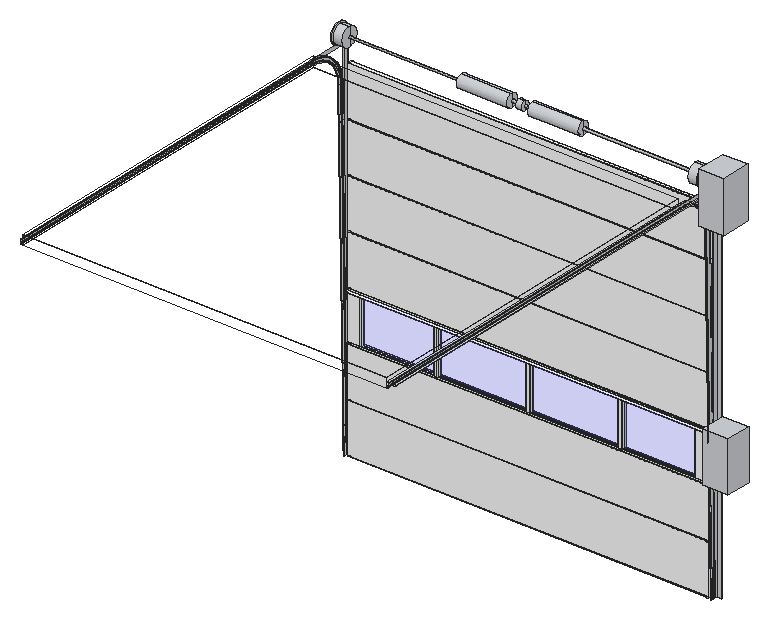
Revit family "EX3200 Complete Door - DraftA", category Doors, host Wall, Revit 2022 (continued)
Definition of nested family "Full Vision Section"
  Definition of nested family "902 Int Stile Array"
    Forms (in)
      Extrusion 2, solid, material <- "Frame Material"
        sketch origin (-44, 0, 0) x (1, 0, 0) y (0, 1, 0)
          loop
            line (-0.65625, 0) -> (-0.65625, -0.125) -> (-0.78125, -0.125) -> (-1.15625, -0.5) -> (-1.15625, -0.63751) -> (-0.65625, -0.63751) -> (-0.65625, -0.88751) -> (-1.15625, -0.88751) -> (-1.15625, -1.88751) -> (-0.65625, -1.88751) -> (-0.65625, -2.125) -> (0.65625, -2.125) -> (0.65625, -1.88751) -> (1.15625, -1.88751) -> (1.15625, -0.88751) -> (0.65625, -0.88751) -> (0.65625, -0.63751) -> (1.15625, -0.63751) -> (1.15625, -0.5) -> (0.78125, -0.125) -> (0.65625, -0.125) -> (0.65625, 0) -> (-0.65625, 0)
        from 0 to 22.3125 <- "Stile Height"
      Extrusion 3, solid, material <- "Frame Material"
        sketch origin (-88, 0, 0) x (1, 0, 0) y (0, 1, 0)
          loop
            line (-0.65625, 0) -> (-0.65625, -0.125) -> (-0.78125, -0.125) -> (-1.15625, -0.5) -> (-1.15625, -0.63751) -> (-0.65625, -0.63751) -> (-0.65625, -0.88751) -> (-1.15625, -0.88751) -> (-1.15625, -1.88751) -> (-0.65625, -1.88751) -> (-0.65625, -2.125) -> (0.65625, -2.125) -> (0.65625, -1.88751) -> (1.15625, -1.88751) -> (1.15625, -0.88751) -> (0.65625, -0.88751) -> (0.65625, -0.63751) -> (1.15625, -0.63751) -> (1.15625, -0.5) -> (0.78125, -0.125) -> (0.65625, -0.125) -> (0.65625, 0) -> (-0.65625, 0)
        from 0 to 22.3125 <- "Stile Height"
      Extrusion 4, solid, material <- "Frame Material"
        sketch origin (-132, 0, 0) x (1, 0, 0) y (0, 1, 0)
          loop
            line (-0.65625, 0) -> (-0.65625, -0.125) -> (-0.78125, -0.125) -> (-1.15625, -0.5) -> (-1.15625, -0.63751) -> (-0.65625, -0.63751) -> (-0.65625, -0.88751) -> (-1.15625, -0.88751) -> (-1.15625, -1.88751) -> (-0.65625, -1.88751) -> (-0.65625, -2.125) -> (0.65625, -2.125) -> (0.65625, -1.88751) -> (1.15625, -1.88751) -> (1.15625, -0.88751) -> (0.65625, -0.88751) -> (0.65625, -0.63751) -> (1.15625, -0.63751) -> (1.15625, -0.5) -> (0.78125, -0.125) -> (0.65625, -0.125) -> (0.65625, 0) -> (-0.65625, 0)
        from 0 to 22.3125 <- "Stile Height"
    Dimensions and locks (in)
      "Stile Height": level to plane 4
      locked: Extrusion 1 sketch curve to Extrusion 1 sketch curve at 1.3125
      locked: Extrusion 1 sketch curve to Extrusion 1 sketch curve at 0.5  (x2)
      locked: Extrusion 1 sketch curve to Extrusion 1 sketch curve at 2.125
      locked: Extrusion 1 sketch curve to Extrusion 1 sketch curve at 0.25
      locked: Extrusion 1 sketch curve to Extrusion 1 sketch curve at 1
      locked: Extrusion 1 sketch curve to Extrusion 1 sketch curve at 0.375  (x4)
      locked: Extrusion 1 sketch curve to Extrusion 1 sketch curve at 0.125  (x3)
      locked: Extrusion 2 sketch curve to Extrusion 2 sketch curve at 1.3125
      locked: Extrusion 2 sketch curve to Extrusion 2 sketch curve at 0.5  (x2)
      locked: Extrusion 2 sketch curve to Extrusion 2 sketch curve at 2.125
      locked: Extrusion 2 sketch curve to Extrusion 2 sketch curve at 0.25
      locked: Extrusion 2 sketch curve to Extrusion 2 sketch curve at 1
      locked: Extrusion 2 sketch curve to Extrusion 2 sketch curve at 0.375  (x4)
      locked: Extrusion 2 sketch curve to Extrusion 2 sketch curve at 0.125  (x3)
      equal spacing: group 4, group 3, group 2, group 1
      equal spacing: group 1, group 2, group 3, group 4  (x2)
      "IntStileCtrCtr": plane 5 to plane 6
      locked: Extrusion 3 sketch curve to Extrusion 3 sketch curve at 1.3125
      locked: Extrusion 3 sketch curve to Extrusion 3 sketch curve at 0.5  (x2)
      locked: Extrusion 3 sketch curve to Extrusion 3 sketch curve at 2.125
      locked: Extrusion 3 sketch curve to Extrusion 3 sketch curve at 0.25
      locked: Extrusion 3 sketch curve to Extrusion 3 sketch curve at 1
      locked: Extrusion 3 sketch curve to Extrusion 3 sketch curve at 0.375  (x4)
      locked: Extrusion 3 sketch curve to Extrusion 3 sketch curve at 0.125  (x3)
      locked: Extrusion 4 sketch curve to Extrusion 4 sketch curve at 1.3125
      locked: Extrusion 4 sketch curve to Extrusion 4 sketch curve at 0.5  (x2)
      locked: Extrusion 4 sketch curve to Extrusion 4 sketch curve at 2.125
      locked: Extrusion 4 sketch curve to Extrusion 4 sketch curve at 0.25
      locked: Extrusion 4 sketch curve to Extrusion 4 sketch curve at 1
      locked: Extrusion 4 sketch curve to Extrusion 4 sketch curve at 0.375  (x4)
      locked: Extrusion 4 sketch curve to Extrusion 4 sketch curve at 0.125  (x3)
      aligned and locked: plane 2 to level
      aligned and locked: Extrusion 1 sketch curve to Extrusion 1 sketch curve  (x8)
      aligned and locked: Extrusion 2 sketch curve to Extrusion 2 sketch curve  (x8)
      aligned and locked: plane 5 to Extrusion 1
      aligned and locked: plane 6 to Extrusion 2
      aligned and locked: Extrusion 3 sketch curve to Extrusion 3 sketch curve  (x8)
      aligned and locked: Extrusion 4 sketch curve to Extrusion 4 sketch curve  (x8)
    Automatic sketch dimensions
      Extrusion 1 sketch curve to Extrusion 1 sketch curve = 0' - 0.23749"
      Extrusion 2 sketch curve to Extrusion 2 sketch curve = 0' - 0.23749"
      Extrusion 3 sketch curve to Extrusion 3 sketch curve = 0' - 0.23749"
      Extrusion 4 sketch curve to Extrusion 4 sketch curve = 0' - 0.23749"
Definition of nested family "Track - Standard Lift"
  Parameters (values of type "15" Radius")
    WallToRadiusCenter = Door Thickness + 0' 1" + Vertical Track Length * 0' 0 1/4" / 1' 0" + Track Radius  # 1' - 9.33333"
    VerticalAngleLength = Door Height + 0' 10"  # 14' - 10"
    Vertical Track Length = Door Height - 0' 8"  # 13' - 4"
    TrackToTrack = CenterToLHTrack * 2  # 14' - 0"
    Roof Pitch = 0
    Operator - Trolley = no
    Operator - Jack Shaft Right = yes
    Operator - Jack Shaft Left = no
    HorizontalAngleLength = -(Horizontal Track Length + Track Radius + Vertical Track Length * 0.25 / 12 + 0' 2" - 0' 1" * Roof Pitch)  # -16' - 2.33333"
    Horizontal Track Length = Door Height + 1' 9" - Track Radius  # 14' - 6"
    FloorToTrolleyRail = FloorToShaftCL + 0' 6" - 0' 0 77/256" * Roof Pitch  # 15' - 8"
    FloorToShaftCL = Door Height + Track Radius - 0' 1"  # 15' - 2"
    FloorToJackShaft = Door Height + 1' 10"  # 15' - 10"
    Double Torsion Shaft = no
    Door Width = 13' - 10"
    Door Thickness = 0' - 2"
    Door Height = 14' - 0"
    Default Elevation = 0' - 0"
    Control Box Right = yes
    Control Box Left = no
    CenterToLHTrack = Door Width / 2 + 0' 1" + Roof Pitch * 0' 0"  # 7' - 0"
    Track Radius = if([12" Radius Track], 1' 0", 1' 3")  # 1' - 3"
    HorizontalTrackAngle = 90.00°
    CenterToRHTrack = -CenterToLHTrack  # -7' - 0"
    CenterToJackShaft = Door Width / 2 + 0' 5"  # 7' - 4"
    15" Radius Track = yes
    12" Radius Track = not([15" Radius Track])  # no
  Types (2): name | WallToRadiusCenter | TrackToTrack | Horizontal Track Length | FloorToTrolleyRail | FloorToShaftCL | Door Width | Control Box Left | CenterToLHTrack | Track Radius | CenterToRHTrack | CenterToJackShaft | 15" Radius Track | 12" Radius Track
    15" Radius | 1' - 9.33333" | 14' - 0" | 14' - 6" | 15' - 8" | 15' - 2" | 13' - 10" | no | 7' - 0" | 1' - 3" | -7' - 0" | 7' - 4" | yes | no
    12" Radius | 1' - 6.33333" | 14' - 4" | 14' - 9" | 15' - 5" | 14' - 11" | 14' - 2" | yes | 7' - 2" | 1' - 0" | -7' - 2" | 7' - 6" | no | yes
  Reference planes (in)
    plane 1: y = 0
    plane 2 "Center (Left/Right)": x = 0
    plane 3 "Wall Edge": y = 3
    plane 4: y = 24.33333
    plane 5: z = 160
    plane 6: x = 84
    plane 7: x = -84
  Forms (in)
    Sweep 1, solid
      path in 3D
        loop
          line (0, 198.33333, 175) -> (0, 24.33333, 175)
          arc (0, 24.33333, 175) -> (0, 13.83778, 170.71649) -> (0, 9.33659, 160.31243) r 15
          line (0, 9.33659, 160.31243) -> (0, 5.99672, 0)
      profile "Track Profile : Track Profile" origin (0, 7.66665, 80.15622) x (0, 0.999783, -0.020829) y (1, 0, 0)
        loop
          line (-2.03223, 84) -> (-1.97364, 84) -> (-1.97364, 84.826)
          arc (-1.97364, 84.826) -> (-1.9457, 84.89346) -> (-1.87823, 84.92141) r 0.09541
          line (-1.87823, 84.92141) -> (-0.65812, 84.92141)
          arc (-0.65812, 84.92141) -> (-0.63212, 84.9187) -> (-0.60723, 84.91071) r 0.12641
          line (-0.60723, 84.91071) -> (-0.20802, 84.73513)
          arc (-0.20802, 84.73513) -> (-0.05845, 84.52266) -> (-0.17676, 84.29133) r 0.25141
          line (-0.17676, 84.29133) -> (-0.46311, 84.1138) -> (-0.43223, 84.064) -> (-0.14589, 84.24153)
          arc (-0.14589, 84.24153) -> (0, 84.52678) -> (-0.18443, 84.78877) r 0.31
          line (-0.18443, 84.78877) -> (-0.58364, 84.96434)
          arc (-0.58364, 84.96434) -> (-0.62007, 84.97604) -> (-0.65812, 84.98) r 0.185
          line (-0.65812, 84.98) -> (-1.87823, 84.98)
          arc (-1.87823, 84.98) -> (-1.98713, 84.93489) -> (-2.03223, 84.826) r 0.154
          line (-2.03223, 84.826) -> (-2.03223, 84)
    Sweep 2, solid
      path in 3D
        loop
          line (0, 198.33333, 175) -> (0, 24.33333, 175)
          arc (0, 24.33333, 175) -> (0, 13.83778, 170.71649) -> (0, 9.33659, 160.31243) r 15
          line (0, 9.33659, 160.31243) -> (0, 5.99672, 0)
      profile "Track Profile : Track Profile" origin (0, 7.66665, 80.15622) x (0, 0.999783, -0.020829) y (1, 0, 0)
        loop
          line (-2.03223, -84) -> (-2.03223, -84.826)
          arc (-2.03223, -84.826) -> (-1.98713, -84.93489) -> (-1.87823, -84.98) r 0.154
          line (-1.87823, -84.98) -> (-0.65812, -84.98)
          arc (-0.65812, -84.98) -> (-0.62007, -84.97604) -> (-0.58364, -84.96434) r 0.185
          line (-0.58364, -84.96434) -> (-0.18443, -84.78877)
          arc (-0.18443, -84.78877) -> (0, -84.52678) -> (-0.14589, -84.24153) r 0.31
          line (-0.14589, -84.24153) -> (-0.43223, -84.064) -> (-0.46311, -84.1138) -> (-0.17676, -84.29133)
          arc (-0.17676, -84.29133) -> (-0.05845, -84.52266) -> (-0.20802, -84.73513) r 0.25141
          line (-0.20802, -84.73513) -> (-0.60723, -84.91071)
          arc (-0.60723, -84.91071) -> (-0.63212, -84.9187) -> (-0.65812, -84.92141) r 0.12641
          line (-0.65812, -84.92141) -> (-1.87823, -84.92141)
          arc (-1.87823, -84.92141) -> (-1.9457, -84.89346) -> (-1.97364, -84.826) r 0.09541
          line (-1.97364, -84.826) -> (-1.97364, -84) -> (-2.03223, -84)
    Extrusion 3, solid
      sketch origin (84, 9, 148.94743) x (0, 0, 1) y (0, 1, 0)
        loop
          line (25.05257, 189.33333) -> (25.05257, 15.33333) -> (30.05257, 15.33333) -> (30.05257, 189.33333) -> (25.05257, 189.33333)
      from 0 to 168 <- "TrackToTrack"
    Extrusion 4, solid
      sketch origin (0, 198.33333, 175) x (0, 0, 1) y (1, 0, 0)
        loop
          line (1.87823, 84.98) -> (1.87823, 85.06107) -> (0.47823, 85.06107) -> (0.47823, 86.48) -> (0.37823, 86.48) -> (0.37823, 84.98) -> (1.87823, 84.98)
      from -2 to -194.33333 <- "HorizontalAngleLength"
    Extrusion 5, solid
      sketch origin (0, 198.33333, 175) x (0, 0, 1) y (1, 0, 0)
        loop
          line (1.87823, -84.98) -> (0.37823, -84.98) -> (0.37823, -86.48) -> (0.47823, -86.48) -> (0.47823, -85.08) -> (1.87823, -85.08) -> (1.87823, -84.98)
      from -2 to -194.33333 <- "HorizontalAngleLength"
    Extrusion 6, solid
      sketch origin (0, 0, 0) x (1, 0, 0) y (0, 1, 0)
        loop
          line (-84.98, 4.63) -> (-85.08, 4.63) -> (-85.08, 3.30484)
          arc (-85.08, 3.30484) -> (-85.14, 3.16) -> (-85.28484, 3.1) r 0.20484
          line (-85.28484, 3.1) -> (-87.26, 3.1) -> (-87.26, 3) -> (-85.28584, 3)
          arc (-85.28584, 3) -> (-85.06958, 3.08958) -> (-84.98, 3.30584) r 0.30584
          line (-84.98, 3.30584) -> (-84.98, 4.63)
        loop
          line (84.98, 4.63) -> (84.98, 3.30584)
          arc (84.98, 3.30584) -> (85.06958, 3.08958) -> (85.28584, 3) r 0.30584
          line (85.28584, 3) -> (87.26, 3) -> (87.26, 3.1) -> (85.28484, 3.1)
          arc (85.28484, 3.1) -> (85.14, 3.16) -> (85.08, 3.30484) r 0.20484
          line (85.08, 3.30484) -> (85.08, 4.63) -> (84.98, 4.63)
      from 0 to 178 <- "VerticalAngleLength"
    Extrusion 7, solid, visible <- "Operator - Jack Shaft Left"
      sketch origin (-60, 3, 0) x (-1, 0, 0) y (0, 0, 1)
        loop
          line (-160, 190) -> (-160, 166) -> (-148, 166) -> (-148, 190) -> (-160, 190)
      from 0 to 14.50457
    Extrusion 8, solid, visible <- "Operator - Jack Shaft Right"
      sketch origin (-60, 3, 0) x (-1, 0, 0) y (0, 0, 1)
        loop
          line (28, 190) -> (28, 166) -> (40, 166) -> (40, 190) -> (28, 190)
      from 0 to 14.50457
    Extrusion 9, solid, visible <- "Operator - Jack Shaft Left"
      sketch origin (-59.08, 3, -112) x (-1, 0, 0) y (0, 0, 1)
        loop
          line (-159.08, 190) -> (-159.08, 166) -> (-147.08, 166) -> (-147.08, 190) -> (-159.08, 190)
      from 0 to 12
    Extrusion 10, solid, visible <- "Operator - Jack Shaft Right"
      sketch origin (-60, 3, -120) x (-1, 0, 0) y (0, 0, 1)
        loop
          line (28, 198) -> (28, 174) -> (40, 174) -> (40, 198) -> (28, 198)
      from 0 to 12
  Lines and regions (in)
    reference lines, not visible
      curve 1: line (0, 24.33333, 160) -> (0, 24.33333, 175)
      curve 2: line (0, 24.33333, 160) -> (0, 9.33659, 160.31243)
      curve 3: line (0, 24.33333, 175) -> (0, 198.33333, 175)
      curve 4: line (0, 9.33659, 160.31243) -> (0, 5.99672, 0)
      curve 5: arc (0, 24.33333, 175) -> (0, 13.83778, 170.71649) -> (0, 9.33659, 160.31243) r 15
    sketch lines
      curve 6: line (0, 9.33659, 160.31243) -> (0, 5.99672, 0)
      curve 7: arc (0, 24.33333, 175) -> (0, 13.83778, 170.71649) -> (0, 9.33659, 160.31243) r 15
      curve 8: line (0, 24.33333, 175) -> (0, 198.33333, 175)
      curve 9: line (0, 9.33659, 160.31243) -> (0, 5.99672, 0)
      curve 10: arc (0, 24.33333, 175) -> (0, 13.83778, 170.71649) -> (0, 9.33659, 160.31243) r 15
      curve 11: line (0, 24.33333, 175) -> (0, 198.33333, 175)
  Text (in)
    text "Placement Side" at (0, 40.15149, 123.01588), in view "Right"
    text "Placement Side" at (-70.3804, 28.46503, 0), in view "Ref. Level"
    text "Placement Side" at (0, 81.62555, 140.59947), in view "Left"
  Dimensions and locks (in)
    locked: plane 3 "Wall Edge" to host wall
    "WallToRadiusCenter": plane 3 "Wall Edge" to plane 4
    "Vertical Track Length": plane 5 to level
    "Track Radius": curve 1 to curve 1
    "Track Radius": curve 2 to curve 2
    "CenterToLHTrack": plane 6 to plane 2 "Center (Left/Right)"
    "CenterToLHTrack": plane 2 "Center (Left/Right)" to plane 7
    "Horizontal Track Length": curve 5 to curve 3
    locked: curve 3 to Extrusion 3 sketch curve at 4
    locked: Extrusion 3 sketch curve to curve 3 at 1
    locked: Extrusion 4 sketch curve to Extrusion 4 sketch curve at 1.5  (x2)
    locked: Extrusion 4 sketch curve to Extrusion 4 sketch curve at 0.1
    locked: Sweep 1 to Extrusion 4 sketch curve at 0.08107
    locked: Extrusion 5 sketch curve to Extrusion 5 sketch curve at 0.1
    locked: Extrusion 5 sketch curve to Sweep 2 at 0.1
    locked: Extrusion 5 sketch curve to Extrusion 5 sketch curve at 1.5
    locked: Extrusion 5 sketch curve to Sweep 2 at 1.5
    locked: Extrusion 6 sketch curve to Extrusion 6 sketch curve at 0.1  (x4)
    locked: Extrusion 6 sketch curve to Extrusion 6 sketch curve at 2.28  (x2)
    Extrusion 6 sketch curve to Extrusion 6 sketch curve = 0' - 1.63"
    locked: Extrusion 6 sketch curve to Extrusion 6 sketch curve at 1.63  (x2)
    locked: host wall to nested 1 at 6
    locked: Extrusion 7 sketch curve to Extrusion 7 sketch curve at 12
    locked: Extrusion 7 sketch curve to Extrusion 7 sketch curve at 24
    "FloorToJackShaft": level to Extrusion 7 sketch curve
    "CenterToJackShaft": Extrusion 7 sketch curve to curve 4
    locked: Extrusion 8 sketch curve to Extrusion 8 sketch curve at 24
    locked: Extrusion 8 sketch curve to Extrusion 8 sketch curve at 12
    "CenterToJackShaft": curve 4 to Extrusion 8 sketch curve
    "FloorToShaftCL": nested 1 to level
    locked: Extrusion 9 sketch curve to Extrusion 9 sketch curve at 12
    locked: Extrusion 9 sketch curve to Extrusion 9 sketch curve at 24
    locked: Extrusion 6 to Extrusion 9 at 54
    level to Extrusion 9 = 6' - 6"
    locked: Extrusion 10 sketch curve to Extrusion 10 sketch curve at 24
    locked: Extrusion 10 sketch curve to Extrusion 10 sketch curve at 12
    Extrusion 4 to Extrusion 7 = 1' - 2.62177"
    curve 3 to Extrusion 8 = 1' - 3"
    locked: Extrusion 8 to Extrusion 8 at 14.50457
    Extrusion 9 to Extrusion 9 = 1' - 0"
    plane 2 "Center (Left/Right)" to Extrusion 9 = 8' - 4"
    "Track Radius": radius of curve 5
    radius of Extrusion 6 sketch curve = 0' - 0.30584"
    radius of Extrusion 6 sketch curve = 0' - 0.20484"
    "HorizontalTrackAngle": angle curve 1 to plane 5
    locked: curve 2 to plane 5 (angle 1.1935°)
    locked: curve 1 to curve 3 (angle 90.00°)
    locked: curve 4 to curve 2 (angle 90.00°)
    aligned and locked: plane 5 to curve 2
    aligned and locked: curve 2 to plane 4
    aligned and locked: level to curve 4
    aligned and locked: Extrusion 3 sketch curve to curve 3
    aligned and locked: Extrusion 3 sketch curve to curve 1
    aligned and locked: Extrusion 4 sketch curve to Sweep 1
    aligned and locked: Extrusion 5 sketch curve to Sweep 2
    aligned and locked: Extrusion 4 to Extrusion 5 sketch curve
    aligned and locked: Sweep 2 to Extrusion 6 sketch curve
    aligned and locked: Extrusion 6 sketch curve to Sweep 1
    aligned and locked: Extrusion 6 sketch curve to host wall
    aligned and locked: nested 1 to curve 4
    aligned and locked: Extrusion 7 to Extrusion 8 sketch curve
    aligned and locked: Extrusion 9 to Extrusion 7
    aligned and locked: Extrusion 10 to Extrusion 8
    aligned and locked: Extrusion 9 to Extrusion 10
    aligned and locked: Extrusion 7 to Extrusion 8
  Automatic sketch dimensions
    Sweep 1 to Extrusion 4 sketch curve = 0' - 1.59541"
    Extrusion 6 sketch curve to host wall = 0' - 0"
    Extrusion 6 sketch curve to Extrusion 6 sketch curve = 0' - 0.20484"
    Extrusion 6 sketch curve to Extrusion 6 sketch curve = 0' - 0.00101"
    Extrusion 9 sketch curve to plane 6 = 1' - 4"
    level to Extrusion 9 sketch curve = 4' - 6"
    plane 7 to Extrusion 10 sketch curve = 0' - 4"
    level to Extrusion 10 sketch curve = 4' - 6"
  Nested families (in)
    nested 1: "Torsion Assembly - Standard Lift" at (0, 9, 118.84779), type "Torsion Assembly - High Lift"
      with HalfShaft2Length 8' - 2 1/2", Door Width 13' - 10", HalfShaftLength 7' - 2 1/2"
  Definition of nested family "Torsion Assembly - Standard Lift"
    Parameters
      Spring Length = if(Door Width < 6' 0", 1' 0", 2' 0")  # 2' - 0"
      HalfShaft2Length = HalfShaftLength + 1' 0"  # 7' - 3 1/2"
      Double Torsion Shaft = no
      Door Width = 12' - 0"
      HalfShaftLength = (Door Width + 0' 7") / 2  # 6' - 3 1/2"
      Default Elevation = 0' - 0"
      Assembly Code = ""
    Reference planes (in)
      plane 1 "Center (Front/Back)": y = 0
      plane 2: z = 63.15221
      plane 3 "Center (Left/Right)": x = 0
      plane 4: z = 75.15221
      plane 5: z = 63.15221
    Forms (in)
      Revolve 1, solid
        sketch origin (0, 0, 0) x (1, 0, 0) y (0, 0, 1)
          loop
            line (5, 63.65221) -> (1.38578, 63.65221) -> (1.38578, 65.15221) -> (-1.36422, 65.15221) -> (-1.36422, 63.65221) -> (-5, 63.65221) -> (-5, 66.15221) -> (-29, 66.15221) -> (-29, 63.65221) -> (-68.5, 63.65221) -> (-68.5, 67.45823) -> (-73, 67.45823) -> (-73, 67.95823) -> (-73.5, 67.95823) -> (-73.5, 63.65221) -> (-75.5, 63.65221) -> (-75.5, 63.15221) -> (-73.5, 63.15221) -> (73.5, 63.15221) -> (75.5, 63.15221) -> (75.5, 63.65221) -> (73.5, 63.65221) -> (73.5, 67.95823) -> (73, 67.95823) -> (73, 67.45823) -> (68.5, 67.45823) -> (68.5, 63.65221) -> (29, 63.65221) -> (29, 66.15221) -> (5, 66.15221) -> (5, 63.65221)
          axis (-75.5, 63.15221) -> (75.5, 63.15221)
        angle from 0 to 360
      Revolve 2, solid, visible <- "Double Torsion Shaft"
        sketch origin (0, 0, 12) x (1, 0, 0) y (0, 0, 1)
          loop
            line (5, 63.65221) -> (1.38578, 63.65221) -> (1.38578, 65.15221) -> (-1.36422, 65.15221) -> (-1.36422, 63.65221) -> (-5, 63.65221) -> (-5, 66.15221) -> (-29, 66.15221) -> (-29, 63.65221) -> (-74.5, 63.65221) -> (-74.5, 67.45823) -> (-79, 67.45823) -> (-79, 67.95823) -> (-79.5, 67.95823) -> (-79.5, 63.65221) -> (-87.5, 63.65221) -> (-87.5, 63.15221) -> (-79.5, 63.15221) -> (79.5, 63.15221) -> (87.5, 63.15221) -> (87.5, 63.65221) -> (79.5, 63.65221) -> (79.5, 67.95823) -> (79, 67.95823) -> (79, 67.45823) -> (74.5, 67.45823) -> (74.5, 63.65221) -> (29, 63.65221) -> (29, 66.15221) -> (5, 66.15221) -> (5, 63.65221)
          axis (-87.5, 63.15221) -> (87.5, 63.15221)
        angle from 0 to 360
    Dimensions and locks (in)
      locked: Revolve 1 sketch curve to Revolve 1 sketch curve at 0.5  (x4)
      locked: Revolve 1 sketch curve to Revolve 1 sketch curve at 4.80602
      locked: Revolve 1 sketch curve to Revolve 1 sketch curve at 2.75
      locked: Revolve 1 sketch curve to plane 3 "Center (Left/Right)" at 1.38578
      locked: Revolve 1 sketch curve to Revolve 1 sketch curve at 3
      locked: Revolve 1 sketch curve to Revolve 1 sketch curve at 2  (x3)
      locked: Revolve 1 sketch curve to plane 3 "Center (Left/Right)" at 5
      "Spring Length": Revolve 1 sketch curve to Revolve 1 sketch curve  (x2)
      locked: plane 3 "Center (Left/Right)" to Revolve 1 sketch curve at 5
      locked: Revolve 1 sketch curve to Revolve 1 sketch curve at 5  (x2)
      "HalfShaftLength": Revolve 1 sketch curve to plane 3 "Center (Left/Right)"
      "HalfShaftLength": plane 3 "Center (Left/Right)" to Revolve 1 sketch curve
      locked: Revolve 2 sketch curve to Revolve 2 sketch curve at 0.5  (x4)
      locked: Revolve 2 sketch curve to Revolve 2 sketch curve at 4.80602
      locked: Revolve 2 sketch curve to Revolve 2 sketch curve at 2.75
      locked: Revolve 2 sketch curve to Revolve 2 sketch curve at 3
      locked: Revolve 2 sketch curve to Revolve 2 sketch curve at 2
      "Spring Length": Revolve 2 sketch curve to Revolve 2 sketch curve  (x2)
      locked: Revolve 2 sketch curve to Revolve 2 sketch curve at 5  (x2)
      locked: Revolve 2 sketch curve to Revolve 2 sketch curve at 8  (x2)
      locked: Revolve 2 to plane 4 at 0.5
      locked: plane 4 to level at 12
      "HalfShaft2Length": plane 3 "Center (Left/Right)" to Revolve 2 sketch curve
      "HalfShaft2Length": Revolve 2 sketch curve to plane 3 "Center (Left/Right)"
      locked: plane 3 "Center (Left/Right)" to Revolve 2 sketch curve at 5
      locked: Revolve 2 sketch curve to plane 3 "Center (Left/Right)" at 5
      aligned and locked: plane 2 to level
      aligned and locked: plane 5 to level
    Automatic sketch dimensions
      Revolve 1 sketch curve to level = 0' - 0"  (x2)
      Revolve 1 sketch curve to Revolve 1 sketch curve = 0' - 0"  (x2)
      Revolve 1 sketch curve to Revolve 1 sketch curve = 0' - 11.98222"
      Revolve 1 sketch curve to Revolve 1 sketch curve = 0' - 11.01778"
      level to Revolve 1 sketch curve = 0' - 0 1/2"  (x4)
      Revolve 1 sketch curve to Revolve 1 sketch curve = 0' - 0 1/2"  (x2)
      Revolve 1 sketch curve to Revolve 1 sketch curve = 0' - 2 1/2"
      Revolve 1 sketch curve to Revolve 1 sketch curve = 0' - 3.80602"
      level to Revolve 2 sketch curve = 1' - 0 1/2"  (x2)
      Revolve 2 sketch curve to Revolve 2 sketch curve = 0' - 0"  (x2)
      Revolve 2 sketch curve to Revolve 2 sketch curve = 0' - 11.98222"
      Revolve 2 sketch curve to plane 3 "Center (Left/Right)" = 0' - 1.36422"
      Revolve 2 sketch curve to Revolve 2 sketch curve = 0' - 11.01778"
      level to Revolve 2 sketch curve = 1' - 0"
      Revolve 2 sketch curve to Revolve 2 sketch curve = 0' - 1 1/2"
      Revolve 2 sketch curve to Revolve 2 sketch curve = 0' - 0 1/2"  (x3)
      Revolve 2 sketch curve to Revolve 2 sketch curve = 0' - 2 1/2"  (x2)
      Revolve 2 sketch curve to Revolve 2 sketch curve = 0' - 3.80602"
